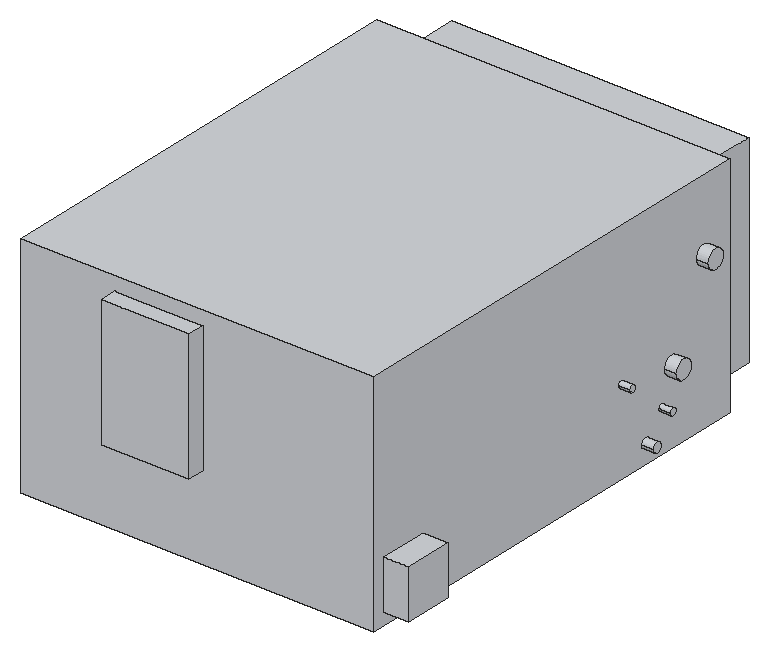
Revit family "656709ba97ef421591b72f2fc1ef0ebd", category Mechanical Equipment, Revit 2021
Family settings
  Round Connector Dimension = Use Radius
  Part Type = Normal
  OmniClass Number = 23.75.70.17.27
  OmniClass Title = Fan Coil Units
  Seek Item ID = Fan Coil Unit - Horizontal - Belt Drive - DX-0000-USA-ENU
  Work Plane-Based = No
  Always vertical = Yes
  Cut with Voids When Loaded = No
  Shared = No
  Room Calculation Point = No
Parameters (values of type "600 CFM")
  Voltage = 120 V
  Unit Width = 3' - 0 3/16"
  Unit Length = 2' - 4 11/16"
  Unit Height = 1' - 6 1/2"
  Total Cooling Capacity = 19500 Btu/h
  Supply Air Width = 7 1/8"
  Supply Air Height = 10 9/16"
  Sensible Cooling Capacity = 14500 Btu/h
  Return Air Width = 24 1/16"
  Return Air Height = 16 7/16"
  Refrigerant Return Radius = 3/4"
  Refrigerant Return Diameter = Refrigerant Return Radius * 2  # 1 1/2"
  Number of Poles = 1
  Nominal Air Flow [instance] = 600 CFM
  Load Classification = Cooling
  Heating Water Pressure Drop [instance] = 11.30 psi
  Heating Water Flow [instance] = 2 GPM
  Heating Capacity = 46900 Btu/h
  External Static Pressure [instance] = 0.30 in-wg
  Refrigerant Supply Radius = 3/4"
  Refrigerant Flow [instance] = 3 GPM
  Refrigerant Supply Diameter = Refrigerant Supply Radius * 2  # 1 1/2"
  Drain Flow [instance] = 0 GPM
  Default Elevation = 0' - 0"
  CFU Material = none
  C6 Offset 2 = 0' - 1 1/8"
  C6 Offset 1 = 1' - 1 7/8"
  C4 Offset 2 = 0' - 7"
  C4 Offset 1 = 1' - 3 1/2"
  C3 Offset 2 = 0' - 3 1/2"
  C3 Offset 1 = 0' - 7"
  C2 Offset 2 = 1' - 0 3/4"
  C1 Offset 2 = 0' - 6 1/8"
  C1 Offset 1 = 0' - 5 15/16"
  Apparent Load = 3413 VA
Types (9): name | Voltage | Unit Width | Unit Length | Unit Height | Total Cooling Capacity | Supply Air Width | Supply Air Height | Sensible Cooling Capacity | Return Air Width | Return Air Height | Refrigerant Return Radius | Refrigerant Return Diameter | Number of Poles | Nominal Air Flow | Heating Water Pressure Drop | Heating Water Flow | Heating Capacity | Refrigerant Supply Radius | Refrigerant Flow | Refrigerant Supply Diameter | C6 Offset 2 | C6 Offset 1 | C4 Offset 2 | C4 Offset 1 | C3 Offset 2 | C3 Offset 1 | C2 Offset 2 | C1 Offset 2 | Apparent Load
  (no name) | 120 V | 3' - 0 3/16" | 2' - 4 11/16" | 1' - 6 1/2" | 19500 Btu/h | 7 1/8" | 10 9/16" | 14500 Btu/h | 24 1/16" | 16 7/16" | 3/4" | 1 1/2" | 1 | 600 CFM | 11.30 psi | 2 GPM | 46900 Btu/h | 3/4" | 3 GPM | 1 1/2" | 0' - 1 1/8" | 1' - 1 7/8" | 0' - 7" | 1' - 3 1/2" | 0' - 3 1/2" | 0' - 7" | 1' - 0 3/4" | 0' - 6 1/8" | 3413 VA
  600 CFM | 120 V | 3' - 0 3/16" | 2' - 4 11/16" | 1' - 6 1/2" | 19500 Btu/h | 7 1/8" | 10 9/16" | 14500 Btu/h | 24 1/16" | 16 7/16" | 3/4" | 1 1/2" | 1 | 600 CFM | 11.30 psi | 2 GPM | 46900 Btu/h | 3/4" | 3 GPM | 1 1/2" | 0' - 1 1/8" | 1' - 1 7/8" | 0' - 7" | 1' - 3 1/2" | 0' - 3 1/2" | 0' - 7" | 1' - 0 3/4" | 0' - 6 1/8" | 3413 VA
  800 CFM | 120 V | 3' - 0 3/16" | 2' - 4 11/16" | 1' - 6 1/2" | 24900 Btu/h | 8 9/16" | 10 9/16" | 18600 Btu/h | 24 1/16" | 16 7/16" | 3/4" | 1 1/2" | 1 | 800 CFM | 20.10 psi | 2 GPM | 46900 Btu/h | 3/4" | 4 GPM | 1 1/2" | 0' - 1 1/8" | 1' - 1 7/8" | 0' - 7" | 1' - 3 1/2" | 0' - 3 1/2" | 0' - 7" | 1' - 0 3/4" | 0' - 6 1/8" | 3413 VA
  1000 CFM | 120 V | 3' - 1 3/4" | 3' - 1 1/16" | 1' - 8 1/4" | 34600 Btu/h | 7 1/2" | 11 11/16" | 24900 Btu/h | 33 1/16" | 18 3/16" | 3/4" | 1 1/2" | 1 | 1000 CFM | 35.80 psi | 2 GPM | 46900 Btu/h | 3/4" | 5 GPM | 1 1/2" | 0' - 1 1/8" | 1' - 1 7/8" | 0' - 7" | 1' - 5 1/8" | 0' - 5 1/8" | 0' - 7" | 1' - 2 3/8" | 0' - 7 3/4" | 3413 VA
  1200 CFM | 120 V | 3' - 1 3/4" | 3' - 1 1/16" | 1' - 8 1/4" | 39800 Btu/h | 9 15/16" | 11 11/16" | 28900 Btu/h | 33 1/16" | 18 3/16" | 3/4" | 1 1/2" | 1 | 1200 CFM | 51.50 psi | 3 GPM | 68500 Btu/h | 3/4" | 6 GPM | 1 1/2" | 0' - 1 1/8" | 1' - 1 7/8" | 0' - 7" | 1' - 5 1/8" | 0' - 5 1/8" | 0' - 7" | 1' - 2 3/8" | 0' - 7 3/4" | 5119.5 VA
  1600 CFM | 120 V | 3' - 1 15/16" | 3' - 11 1/16" | 1' - 8 1/4" | 54400 Btu/h | 13 5/16" | 12 11/16" | 39100 Btu/h | 43 1/16" | 18 3/16" | 1" | 2" | 1 | 1600 CFM | 43.30 psi | 3 GPM | 87700 Btu/h | 1" | 9 GPM | 2" | 0' - 1 1/8" | 1' - 4 13/16" | 0' - 7" | 1' - 0" | 0' - 10 5/8" | 0' - 9 5/8" | 1' - 3 5/8" | 0' - 7 3/4" | 8532.5 VA
  2000 CFM | 120 V | 3' - 4 3/8" | 4' - 0 1/16" | 1' - 10 3/4" | 68600 Btu/h | 12 1/2" | 13 3/4" | 48900 Btu/h | 44 1/16" | 20 11/16" | 1" | 2" | 1 | 2000 CFM | 72.50 psi | 4 GPM | 104900 Btu/h | 1" | 11 GPM | 2" | 0' - 1 1/8" | 1' - 5 3/4" | 0' - 7" | 1' - 1 5/16" | 0' - 11 15/16" | 0' - 9 5/8" | 1' - 6 3/16" | 0' - 7 13/16" | 11945.5 VA
  3000 CFM | 120 V | 3' - 4 3/8" | 4' - 0 1/16" | 2' - 7" | 102800 Btu/h | 15 7/8" | 13 3/4" | 73600 Btu/h | 44 1/16" | 28 15/16" | 1 1/2" | 3" | 1 | 3000 CFM | 46.00 psi | 6 GPM | 149200 Btu/h | 1 1/2" | 17 GPM | 3" | 0' - 6 1/8" | 1' - 4 1/16" | 0' - 8" | 1' - 4 7/16" | 1' - 2 1/16" | 0' - 9 5/8" | 2' - 2 5/16" | 0' - 5 15/16" | 20478 VA
  4000 CFM | 208 V | 3' - 7 9/16" | 5' - 2 1/16" | 2' - 7" | 147900 Btu/h | 16 7/16" | 16 1/16" | 102700 Btu/h | 58 1/16" | 28 15/16" | 1 1/2" | 3" | 3 | 4000 CFM | 112.70 psi | 7 GPM | 182400 Btu/h | 1 1/2" | 25 GPM | 3" | 0' - 5 1/8" | 1' - 10 13/16" | 0' - 8" | 1' - 4 7/16" | 1' - 2 1/16" | 0' - 9 5/8" | 2' - 2 5/16" | 0' - 5 15/16" | 20478 VA
Reference planes (in)
  plane 1 "Center (Front/Back)": y = 0
  plane 2: z = 0
  plane 3 "Center (Left/Right)": x = 0
  plane 4: x = 28.6875
  plane 5: y = 36.1875
  plane 6: x = 26.6875
  plane 7: x = 2.625
  plane 8: y = 40.5625
  plane 9: y = -1.375
  plane 10: x = 14.8125
  plane 11: x = 7.6875
  plane 12: z = 18.5
  plane 13: z = 17.375
  plane 14: z = 6.8125
  plane 15: x = 30.75
  plane 16: z = 1
  plane 17: z = 17.4375
  plane 18: y = 27.5625
  plane 19: z = 1.625
  plane 20: x = 29.6875
  plane 21: y = 30.25
  plane 22: z = 6.125
  plane 23: y = 29.1875
  plane 24: z = 3.5
  plane 25: y = 25.0625
  plane 26: z = 7
  plane 27: y = 33.5
  plane 28: z = 12.75
  plane 29: y = 1
  plane 30: z = 5
  plane 31: y = 5
Forms (in)
  Extrusion 1, solid, material <- "CFU Material"
    sketch origin (0, 0, 0) x (1, 0, 0) y (0, 1, 0)
      loop
        line (0, 36.1875) -> (0, 0) -> (28.6875, 0) -> (28.6875, 36.1875) -> (0, 36.1875)
    from 0 to 18.5
  Extrusion 2, solid, material <- "CFU Material"
    sketch origin (0, 0, 0) x (1, 0, 0) y (0, 1, 0)
      loop
        line (2.625, 40.5625) -> (2.625, 36.1875) -> (26.6875, 36.1875) -> (26.6875, 40.5625) -> (2.625, 40.5625)
    from 1 to 17.4375
  Extrusion 3, solid, material <- "CFU Material"
    sketch origin (0, 0, 0) x (1, 0, 0) y (0, 1, 0)
      loop
        line (7.6875, 0) -> (7.6875, -1.375) -> (14.8125, -1.375) -> (14.8125, 0) -> (7.6875, 0)
    from 6.8125 to 17.375
  Extrusion 4, solid, material <- "CFU Material"
    sketch origin (0, 0, 0) x (0, 1, 0) y (0, 0, 1)
      loop
        circle (27.5625, 1.625) r 0.375
    from 28.6875 to 29.6875
  Extrusion 5, solid, material <- "CFU Material"
    sketch origin (0, 0, 0) x (0, 1, 0) y (0, 0, 1)
      loop
        circle (30.25, 6.125) r 0.75
    from 28.6875 to 29.6875
  Extrusion 6, solid, material <- "CFU Material"
    sketch origin (0, 0, 0) x (0, 1, 0) y (0, 0, 1)
      loop
        circle (29.1875, 3.5) r 0.25
    from 28.6875 to 29.6875
  Extrusion 7, solid, material <- "CFU Material"
    sketch origin (0, 0, 0) x (0, 1, 0) y (0, 0, 1)
      loop
        circle (25.0625, 7) r 0.25
    from 28.6875 to 29.6875
  Extrusion 8, solid, material <- "CFU Material"
    sketch origin (0, 0, 0) x (0, 1, 0) y (0, 0, 1)
      loop
        circle (33.5, 12.75) r 0.75
    from 28.6875 to 29.6875
  Extrusion 9, solid, material <- "CFU Material"
    sketch origin (0, 0, 0) x (0, 1, 0) y (0, 0, 1)
      loop
        line (1, 5) -> (1, 1) -> (5, 1) -> (5, 5) -> (1, 5)
    from 28.6875 to 30.75
Cuts and joins
  joined: Extrusion 1, Extrusion 2, Extrusion 3, Extrusion 4, Extrusion 5, Extrusion 6, Extrusion 7, Extrusion 8, Extrusion 9
Dimensions and locks (in)
  "Unit Length": plane 3 "Center (Left/Right)" to plane 4
  "Unit Width": plane 5 to plane 1 "Center (Front/Back)"
  locked: plane 6 to plane 4 at 2
  "Return Air Width": plane 7 to plane 6
  "C6 Offset 1": plane 10 to plane 4
  "Supply Air Width": plane 11 to plane 10
  "Unit Height": plane 12 to plane 2
  "C6 Offset 2": plane 12 to plane 13
  "Supply Air Height": plane 13 to plane 14
  locked: plane 4 to plane 15 at 2.0625
  locked: plane 2 to plane 16 at 1
  "Return Air Height": plane 16 to plane 17
  locked: plane 9 to plane 1 "Center (Front/Back)" at 1.375
  locked: plane 8 to plane 5 at 4.375
  locked: plane 4 to plane 20 at 1
  locked: plane 19 to plane 2 at 1.625
  locked: plane 18 to plane 5 at 8.625
  "C1 Offset 1": plane 21 to plane 5
  "C1 Offset 2": plane 22 to plane 2
  "C3 Offset 1": plane 23 to plane 5
  "C3 Offset 2": plane 24 to plane 2
  "C4 Offset 1": plane 25 to plane 8
  "C4 Offset 2": plane 26 to plane 2
  locked: plane 27 to plane 5 at 2.6875
  "C2 Offset 2": plane 28 to plane 2
  locked: plane 1 "Center (Front/Back)" to plane 29 at 1
  locked: plane 30 to plane 16 at 4
  locked: plane 29 to plane 31 at 4
  "Refrigerant Supply Radius": radius of Extrusion 5 sketch curve
  radius of Extrusion 4 sketch curve = 0' - 0 3/8"
  radius of Extrusion 7 sketch curve = 0' - 0 1/4"
  "Refrigerant Supply Radius": radius of Extrusion 8 sketch curve
  aligned and locked: plane 3 "Center (Left/Right)" to Extrusion 1 sketch curve
  aligned and locked: Extrusion 1 sketch curve to plane 4
  aligned and locked: Extrusion 1 sketch curve to plane 1 "Center (Front/Back)"
  aligned and locked: Extrusion 1 sketch curve to plane 5
  aligned and locked: Extrusion 2 sketch curve to plane 8
  aligned and locked: plane 7 to Extrusion 2 sketch curve
  aligned and locked: plane 5 to Extrusion 2 sketch curve
  aligned and locked: Extrusion 2 sketch curve to plane 6
  aligned and locked: plane 11 to Extrusion 3 sketch curve
  aligned and locked: Extrusion 3 sketch curve to plane 10
  aligned and locked: plane 9 to Extrusion 3 sketch curve
  aligned and locked: plane 1 "Center (Front/Back)" to Extrusion 3 sketch curve
  aligned and locked: plane 12 to Extrusion 1
  aligned and locked: Extrusion 1 to plane 2
  aligned and locked: plane 13 to Extrusion 3
  aligned and locked: Extrusion 3 to plane 14
  aligned and locked: Extrusion 2 to plane 17
  aligned and locked: Extrusion 2 to plane 16
  aligned and locked: plane 19 to Extrusion 4 sketch curve
  aligned and locked: plane 18 to Extrusion 4 sketch curve
  aligned and locked: plane 20 to Extrusion 4
  aligned and locked: Extrusion 4 to plane 4
  aligned and locked: plane 22 to Extrusion 5 sketch curve
  aligned and locked: plane 21 to Extrusion 5 sketch curve
  aligned and locked: Extrusion 5 to plane 4
  aligned and locked: plane 24 to Extrusion 6 sketch curve
  aligned and locked: Extrusion 6 sketch curve to plane 23
  aligned and locked: plane 25 to Extrusion 7 sketch curve
  aligned and locked: plane 26 to Extrusion 7 sketch curve
  aligned and locked: plane 20 to Extrusion 5
  aligned and locked: plane 20 to Extrusion 6
  aligned and locked: Extrusion 6 to plane 4
  aligned and locked: plane 4 to Extrusion 7
  aligned and locked: plane 20 to Extrusion 7
  aligned and locked: plane 27 to Extrusion 8 sketch curve
  aligned and locked: plane 20 to Extrusion 8
  aligned and locked: Extrusion 8 to plane 4
  aligned and locked: Extrusion 9 sketch curve to plane 30
  aligned and locked: plane 29 to Extrusion 9 sketch curve
  aligned and locked: Extrusion 9 sketch curve to plane 31
  aligned and locked: plane 16 to Extrusion 9 sketch curve
  aligned and locked: plane 4 to Extrusion 9
  aligned and locked: plane 15 to Extrusion 9
  aligned and locked: plane 28 to Extrusion 8 sketch curve
Automatic sketch dimensions
  radius of Extrusion 6 sketch curve = 0' - 0 1/4"
Connectors (in)
  piping at (29.6875, 30.25, 6.125), diameter 1.5, driven by "Refrigerant Flow", driven by "Refrigerant Supply Radius"
    settings: on Extrusion 5, index 1, connector inside diameter 1 1/2", connector length 0' - 0", flow factor 0, pipe flow 3 GPM, pressure drop 0.00 psi, fitting loss kfactor 0, connector angle 0.00°, fixture units 0, engagement length 0' - 0", angle of deflection 0.00°, flow configuration 1, flow direction 1, fitting loss method 0, system type 22, joint type 0, gender type 0, connector reference index 2, connector utility 0, adjustable connector no, is connector primary yes, connector description "Refrigerant,In"
  piping at (29.6875, 33.5, 12.75), diameter 1.5, driven by "Refrigerant Flow", driven by "Refrigerant Return Radius"
    settings: on Extrusion 8, index 2, connector inside diameter 1 1/2", connector length 0' - 0", flow factor 0, pipe flow 3 GPM, pressure drop 0.00 psi, fitting loss kfactor 0, connector angle 0.00°, fixture units 0, engagement length 0' - 0", angle of deflection 0.00°, flow configuration 1, flow direction 2, fitting loss method 0, system type 22, joint type 0, gender type 0, connector reference index 1, connector utility 0, adjustable connector no, is connector primary no, connector description "Refrigerant,Out"
  piping at (29.6875, 29.1875, 3.5), diameter 0.5, driven by "Heating Water Flow", driven by "Heating Water Pressure Drop"
    settings: on Extrusion 6, index 3, connector inside diameter 1/2", connector length 0' - 0", flow factor 0, pipe flow 2 GPM, pressure drop 11.30 psi, fitting loss kfactor 0, connector angle 0.00°, fixture units 0, engagement length 0' - 0", angle of deflection 0.00°, flow configuration 1, flow direction 1, fitting loss method 4, system type 7, joint type 0, gender type 0, connector reference index 4, connector utility 0, adjustable connector no, is connector primary no, connector description "Heating Water,In"
  piping at (29.6875, 25.0625, 7), diameter 0.5, driven by "Heating Water Flow", driven by "Heating Water Pressure Drop"
    settings: on Extrusion 7, index 4, connector inside diameter 1/2", connector length 0' - 0", flow factor 0, pipe flow 2 GPM, pressure drop 11.30 psi, fitting loss kfactor 0, connector angle 0.00°, fixture units 0, engagement length 0' - 0", angle of deflection 0.00°, flow configuration 1, flow direction 2, fitting loss method 4, system type 8, joint type 0, gender type 0, connector reference index 3, connector utility 0, adjustable connector no, is connector primary no, connector description "Heating Water,Out"
  piping at (29.6875, 27.5625, 1.625), diameter 0.75, driven by "Drain Flow"
    settings: on Extrusion 4, index 5, connector inside diameter 3/4", connector length 0' - 0", flow factor 0, pipe flow 0 GPM, pressure drop 0.00 psi, fitting loss kfactor 0, connector angle 0.00°, fixture units 0, engagement length 0' - 0", angle of deflection 0.00°, flow configuration 1, flow direction 2, fitting loss method 0, system type 16, joint type 0, gender type 0, connector reference index -1, connector utility 0, adjustable connector yes, is connector primary no, connector description "Drain,Out"
  hvac at (11.25, -1.375, 12.09375), driven by "Nominal Air Flow", driven by "Supply Air Height", driven by "Supply Air Width"
    settings: on Extrusion 3, index 6, duct flow 600 CFM, flow factor 0, pres drop 0.00 in-wg, loss coef 0, conn angle 0.00°, conn width 7 1/8", conn height 10 9/16", conn diameter 24", duct sys type 1, conn prof type 1, flow config 0, flow direction 2, loss method 0, conn ref index 7, conn util no, is conn primary yes, conn desc ""
  hvac at (14.65625, 40.5625, 9.21875), driven by "Return Air Height", driven by "Return Air Width", driven by "Nominal Air Flow"
    settings: on Extrusion 2, index 7, duct flow 600 CFM, flow factor 0, pres drop 0.00 in-wg, loss coef 0, conn angle 0.00°, conn width 24 1/16", conn height 16 7/16", conn diameter 24", duct sys type 2, conn prof type 1, flow config 0, flow direction 1, loss method 0, conn ref index 6, conn util no, is conn primary no, conn desc ""
  electrical at (30.75, 3, 3), driven by "Apparent Load", driven by "Voltage", driven by "Number of Poles", driven by "Load Classification"
    settings: on Extrusion 9, index 8, voltage 120 V, apparent load 3413 VA, apparent load phase1 0 VA, apparent load phase2 0 VA, apparent load phase3 0 VA, power factor 0.8, load classification "Cooling", number of poles 1, system type 30, power factor state 1, is connector primary yes, connector utility no, sub classification motor no, connector description ""
